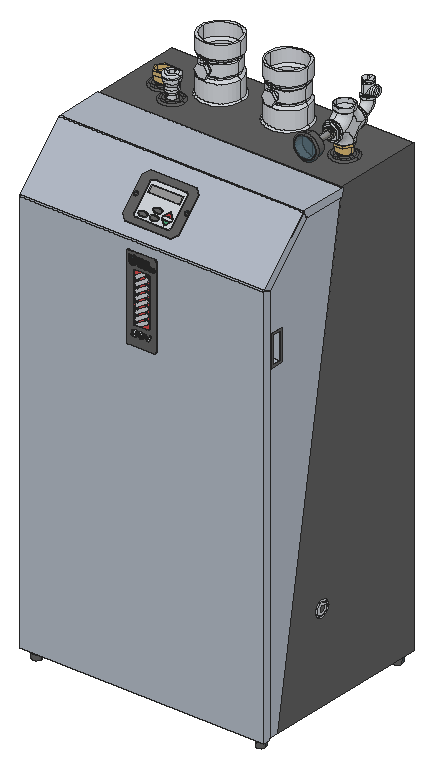
Revit family "Boiler-Helix_SSV_399", category Mechanical Equipment, Revit 2017 (continued)
Definition of nested family "Helix-Faceplate_C"
  Forms (in)
    Extrusion 3, solid
      sketch origin (0, 14.97566, -14.75) x (1, 0, 0) y (0, 1, 0)
        loop
          spline (0.5, -16.31941) -> (0.48296, -16.25471) -> (0.43301, -16.19441) -> (0.35355, -16.14263) -> (0.25, -16.1029) -> (0.12941, -16.07793) -> (0, -16.06941) -> (-0.12941, -16.07793) -> (-0.25, -16.1029) -> (-0.35355, -16.14263) -> (-0.43301, -16.19441) -> (-0.48296, -16.25471) -> (-0.5, -16.31941)
          spline (-0.5, -16.31941) -> (-0.48296, -16.38412) -> (-0.43301, -16.44441) -> (-0.35355, -16.49619) -> (-0.25, -16.53592) -> (-0.12941, -16.56089) -> (0, -16.56941) -> (0.12941, -16.56089) -> (0.25, -16.53592) -> (0.35355, -16.49619) -> (0.43301, -16.44441) -> (0.48296, -16.38412) -> (0.5, -16.31941)
        loop
          spline (-0.75, -16.31941) -> (-0.76704, -16.25471) -> (-0.81699, -16.19441) -> (-0.89645, -16.14263) -> (-1, -16.1029) -> (-1.12059, -16.07793) -> (-1.25, -16.06941) -> (-1.37941, -16.07793) -> (-1.5, -16.1029) -> (-1.60355, -16.14263) -> (-1.68301, -16.19441) -> (-1.73296, -16.25471) -> (-1.75, -16.31941)
          spline (-1.75, -16.31941) -> (-1.73296, -16.38412) -> (-1.68301, -16.44441) -> (-1.60355, -16.49619) -> (-1.5, -16.53592) -> (-1.37941, -16.56089) -> (-1.25, -16.56941) -> (-1.12059, -16.56089) -> (-1, -16.53592) -> (-0.89645, -16.49619) -> (-0.81699, -16.44441) -> (-0.76704, -16.38412) -> (-0.75, -16.31941)
        loop
          line (1.28033, -15.28908) -> (0.75, -15.81941) -> (1.28033, -15.7209) -> (1.81066, -15.81941) -> (1.28033, -15.28908)
        loop
          line (0.75, -16.06941) -> (1.28033, -16.59974) -> (1.81066, -16.06941) -> (1.28033, -16.16792) -> (0.75, -16.06941)
      from 14.75 to 14.8125
    Extrusion 4, solid
      sketch origin (0, -0.06841, 0) x (1, 0, 0) y (0, 1, 0)
        loop
          spline (-0.5, -0.52534) -> (-0.48296, -0.59004) -> (-0.43301, -0.65034) -> (-0.35355, -0.70212) -> (-0.25, -0.74185) -> (-0.12941, -0.76682) -> (0, -0.77534) -> (0.12941, -0.76682) -> (0.25, -0.74185) -> (0.35355, -0.70212) -> (0.43301, -0.65034) -> (0.48296, -0.59004) -> (0.5, -0.52534)
          spline (0.5, -0.52534) -> (0.48296, -0.46063) -> (0.43301, -0.40034) -> (0.35355, -0.34856) -> (0.25, -0.30883) -> (0.12941, -0.28386) -> (0, -0.27534) -> (-0.12941, -0.28386) -> (-0.25, -0.30883) -> (-0.35355, -0.34856) -> (-0.43301, -0.40034) -> (-0.48296, -0.46063) -> (-0.5, -0.52534)
        loop
          spline (-0.75, -1.27534) -> (-0.76704, -1.21063) -> (-0.81699, -1.15034) -> (-0.89645, -1.09856) -> (-1, -1.05883) -> (-1.12059, -1.03386) -> (-1.25, -1.02534) -> (-1.37941, -1.03386) -> (-1.5, -1.05883) -> (-1.60355, -1.09856) -> (-1.68301, -1.15034) -> (-1.73296, -1.21063) -> (-1.75, -1.27534)
          spline (-1.75, -1.27534) -> (-1.73296, -1.34004) -> (-1.68301, -1.40034) -> (-1.60355, -1.45212) -> (-1.5, -1.49185) -> (-1.37941, -1.51682) -> (-1.25, -1.52534) -> (-1.12059, -1.51682) -> (-1, -1.49185) -> (-0.89645, -1.45212) -> (-0.81699, -1.40034) -> (-0.76704, -1.34004) -> (-0.75, -1.27534)
        loop
          spline (0.5, -1.27534) -> (0.48296, -1.21063) -> (0.43301, -1.15034) -> (0.35355, -1.09856) -> (0.25, -1.05883) -> (0.12941, -1.03386) -> (0, -1.02534) -> (-0.12941, -1.03386) -> (-0.25, -1.05883) -> (-0.35355, -1.09856) -> (-0.43301, -1.15034) -> (-0.48296, -1.21063) -> (-0.5, -1.27534)
          spline (-0.5, -1.27534) -> (-0.48296, -1.34004) -> (-0.43301, -1.40034) -> (-0.35355, -1.45212) -> (-0.25, -1.49185) -> (-0.12941, -1.51682) -> (0, -1.52534) -> (0.12941, -1.51682) -> (0.25, -1.49185) -> (0.35355, -1.45212) -> (0.43301, -1.40034) -> (0.48296, -1.34004) -> (0.5, -1.27534)
      from 0 to 0.0625
    Extrusion 5, solid
      sketch origin (0, -0.06841, 0) x (1, 0, 0) y (0, 1, 0)
        loop
          line (1.81066, -0.77534) -> (1.28033, -0.24501) -> (0.75, -0.77534) -> (1.28033, -0.67683) -> (1.81066, -0.77534)
      from 0 to 0.0625
    Extrusion 6, solid
      sketch origin (0, -0.06841, 0) x (1, 0, 0) y (0, 1, 0)
        loop
          line (0.75, -1.02534) -> (1.28033, -1.55567) -> (1.81066, -1.02534) -> (1.28033, -1.12385) -> (0.75, -1.02534)
      from 0 to 0.0625
    Extrusion 7, solid
      sketch origin (0, -0.06841, 0) x (1, 0, 0) y (0, 1, 0)
        loop
          line (1.75, 1.43625) -> (-1.75, 1.43625) -> (-1.75, 0.68625) -> (1.75, 0.68625) -> (1.75, 1.43625)
      from 0 to 0.0625
  Dimensions and locks (in)
    aligned and locked: plane 2 to Extrusion 1
    aligned and locked: level to Extrusion 1
Definition of nested family "Assembly_Connection-8"
  Parameters
    Default Elevation = 4' - 0"
  Reference planes (in)
    plane 1 "Center (Front/Back)": y = 0
    plane 2: z = 0
    plane 3 "Center (Left/Right)": x = 0
  Forms (in)
    Extrusion 1, solid
      sketch origin (0, 0, 0) x (1, 0, 0) y (0, 1, 0)
        loop
          line (-48, 48) -> (-48, -48) -> (48, -48) -> (48, 48) -> (-48, 48)
      from 0 to -12
  Dimensions and locks (in)
    aligned and locked: plane 2 to Extrusion 1
    aligned and locked: level to Extrusion 1
  Nested families (in)
    nested 1: "Assembly_Geometry-8" at (0, 0, 0), type "Assembly_Geometry-8"
  Definition of nested family "Assembly_Geometry-8"
    Parameters
      Default Elevation = 4' - 0"
    Reference planes (in)
      plane 1 "Center (Front/Back)": y = 0
      plane 2: z = 0
      plane 3 "Center (Left/Right)": x = 0
      plane 4: z = 1.63142
      plane 5: y = 5.73292
    Forms (in)
      Extrusion 1, solid
        sketch origin (0, 0, 0) x (1, 0, 0) y (0, 1, 0)
          loop
            line (-48, 48) -> (-48, -48) -> (48, -48) -> (48, 48) -> (-48, 48)
        from 0 to -12
      Revolve 2, solid
        sketch origin (0, 0, -3.375) x (0, -1, 0) y (0, 0, 1)
          loop
            line (2.73493, 5.00642) -> (2.73493, 5.27696) -> (0.69322, 5.27696) -> (0.69322, 5.4974) -> (0.60187, 5.4974) -> (0.60187, 5.27696) -> (0.53274, 5.27696) -> (0.53274, 5.55961) -> (0.41572, 5.55961) -> (0.41572, 5.52696) -> (0, 5.52696) -> (0, 5.00642) -> (2.73493, 5.00642)
          axis (0, 5.00642) -> (2.73493, 5.00642)
        angle from 0 to 360
      Extrusion 3, solid
        sketch origin (0, -0.75, -3.375) x (-1, 0, 0) y (0, 0, 1)
          loop
            circle (0, 5.00642) r 1.17188
        from -3.13 to -3.05
      Revolve 4, solid
        sketch origin (0, -0.75, -3.375) x (0, 1, 0) y (0, 0, 1)
          loop
            line (-2.13, 6.25642) -> (-2.88, 6.25642)
            arc (-2.88, 6.25642) -> (-3.005, 6.38142) -> (-3.13, 6.25642) r 0.125
            line (-3.13, 6.25642) -> (-3.13, 6.17829) -> (-2.19723, 6.17829) -> (-2.19723, 5.00642) -> (-1.98493, 5.00642) -> (-1.98493, 5.27696) -> (-2.05, 5.27696) -> (-2.05, 5.39605) -> (-2.13, 5.39605) -> (-2.13, 6.25642)
          axis (-1.98493, 5.00642) -> (-3.13, 5.00642)
        angle from 0 to 360
      Sweep 5, solid
        path origin (0, 0, 0) x (0, 1, 0) y (0, 0, 1)
          loop
            line (0, 0.63142) -> (0.05988, 0.63142)
            arc (0.05988, 0.63142) -> (0.46697, 0.46279) -> (0.6356, 0.0557) r 0.57572
            line (0.6356, 0.0557) -> (0.6356, 0)
        profile origin (0, 0.02994, 0.63142) x (0, 0, 1) y (1, 0, 0)
          loop
            line (1, -1) -> (1, 1)
            arc (1, 1) -> (0.29289, 0.70711) -> (0, 0) r 1
            arc (0, 0) -> (0.29289, -0.70711) -> (1, -1) r 1
      Sweep 6, solid
        path origin (0, 0, 3.26283) x (0, 1, 0) y (0, 0, -1)
          loop
            line (0, 0.63142) -> (0.05988, 0.63142)
            arc (0.05988, 0.63142) -> (0.46697, 0.46279) -> (0.6356, 0.0557) r 0.57572
            line (0.6356, 0.0557) -> (0.6356, 0)
        profile origin (0, 0.02994, 2.63142) x (0, 0, 1) y (1, 0, 0)
          loop
            arc (-1, -1) -> (-0.29289, -0.70711) -> (0, 0) r 1
            arc (0, 0) -> (-0.29289, 0.70711) -> (-1, 1) r 1
            line (-1, 1) -> (-1, -1)
      Extrusion 7, solid
        sketch origin (0, 0, 0) x (0, 1, 0) y (0, 0, 1)
          loop
            arc (1.6356, 0.0557) -> (2.09712, 1.1699) -> (3.21132, 1.63142) r 1.57572
            arc (3.21132, 1.63142) -> (2.09712, 2.09294) -> (1.6356, 3.20714) r 1.57572
            arc (1.6356, 3.20714) -> (1.17408, 2.09294) -> (0.05988, 1.63142) r 1.57572
            arc (0.05988, 1.63142) -> (1.17408, 1.1699) -> (1.6356, 0.0557) r 1.57572
        from -1 to 1
      Extrusion 8, solid
        sketch origin (0, -2.88, 1.63142) x (-1, 0, 0) y (0, 0, 1)
          loop
            circle (0, -0.00727) r 1.05225
          loop
            circle (0, -0.00727) r 0.9485
        from 2.74608 to 2.88
      Extrusion 9, solid
        sketch origin (0, 1.63142, 6.14283) x (0, 1, 0) y (1, 0, 0)
          loop
            circle (0.00727, 0) r 1.05225
          loop
            circle (0.00727, 0) r 0.9485
        from 2.45688 to 2.88
      Sweep 10, solid
        path origin (0, 3.2712, 0) x (0, -1, 0) y (0, 0, -1)
          loop
            line (0, -0.63142) -> (0.05988, -0.63142)
            arc (0.05988, -0.63142) -> (0.46697, -0.46279) -> (0.6356, -0.0557) r 0.57572
            line (0.6356, -0.0557) -> (0.6356, 0)
        profile origin (0, 3.24126, 0.63142) x (0, 0, -1) y (1, 0, 0)
          loop
            arc (-1, -1) -> (-0.29289, -0.70711) -> (0, 0) r 1
            arc (0, 0) -> (-0.29289, 0.70711) -> (-1, 1) r 1
            line (-1, 1) -> (-1, -1)
      Sweep 11, solid
        path origin (0, 3.2712, 3.26283) x (0, -1, 0) y (0, 0, -1)
          loop
            line (0, 0.63142) -> (0.05988, 0.63142)
            arc (0.05988, 0.63142) -> (0.46697, 0.46279) -> (0.6356, 0.0557) r 0.57572
            line (0.6356, 0.0557) -> (0.6356, 0)
        profile origin (0, 3.24126, 2.63142) x (0, 0, -1) y (1, 0, 0)
          loop
            line (1, -1) -> (1, 1)
            arc (1, 1) -> (0.29289, 0.70711) -> (0, 0) r 1
            arc (0, 0) -> (0.29289, -0.70711) -> (1, -1) r 1
      Sweep 12, solid
        path origin (0, -0.56048, -0.39765) x (0, 1, 0) y (0, 0, 1)
          loop
            line (3.83168, 2.63142) -> (4.22415, 2.63142)
            arc (4.22415, 2.63142) -> (4.72415, 2.83852) -> (4.93126, 3.33852) r 0.70711
        profile origin (0, 3.46743, 2.23376) x (0, 0, 1) y (1, 0, 0)
          loop
            circle (-0.60235, 0) r 0.60235
      Extrusion 13, solid
        sketch origin (0, 0.24221, -0.75121) x (1, 0, 0) y (0, 1, 0)
          loop
            circle (0, 4.73091) r 0.75
        from 3.69208 to 3.87393
      Revolve 14, solid
        sketch origin (0, 0.24221, -0.75121) x (0, 1, 0) y (0, 0, 1)
          loop
            line (4.73091, 3.87393) -> (4.73091, 5.75273) -> (4.66841, 5.75273) -> (4.66841, 5.50273) -> (4.14433, 5.50273) -> (4.14433, 5.44023) -> (4.23091, 5.44023) -> (4.23091, 5.23424) -> (4.14433, 5.14766) -> (4.14433, 4.08361) -> (4.23091, 3.99703) -> (4.23091, 3.87393) -> (4.73091, 3.87393)
          axis (4.73091, 5.75273) -> (4.73091, 3.87393)
        angle from 0 to 360
      Revolve 15, solid
        sketch origin (0, 4.97312, -0.62621) x (1, 0, 0) y (0, 0, 1)
          loop
            line (0.58658, 4.89766) -> (0, 4.89766) -> (0, 4.35606) -> (0.58658, 4.35606) -> (0.58658, 4.70982) -> (0.90754, 4.70982) -> (1.02442, 4.70982) -> (1.02442, 4.83348) -> (0.90076, 4.83348) -> (0.83658, 4.89766) -> (0.58658, 4.89766)
          axis (1.02442, 4.35606) -> (0, 4.35606)
        angle from 0 to 360
      Extrusion 16, solid
        sketch origin (0, 6.1512, 1.63142) x (-1, 0, 0) y (0, 0, -1)
          loop
            circle (0, 0.00727) r 1.05225
          loop
            circle (0, 0.00727) r 0.9485
        from 2.74608 to 2.88
      Extrusion 17, solid
        sketch origin (0, 0.15352, 1.63142) x (1, 0, 0) y (0, 0, 1)
          loop
            line (-0.75, -0.43301) -> (0, -0.86603) -> (0.75, -0.43301) -> (0.75, 0.43301) -> (0, 0.86603) -> (-0.75, 0.43301) -> (-0.75, -0.43301)
          loop
            circle (0, 0) r 0.60235
        from 0.36557 to 0.54189
      Extrusion 18, solid
        sketch origin (0, -0.38837, 1.63142) x (1, 0, 0) y (0, 0, 1)
          loop
            circle (0, 0) r 0.69228
          loop
            circle (0, 0) r 0.60235
        from -0.38837 to -0.17631
      Extrusion 19, solid
        sketch origin (0, 3.11798, 1.63142) x (1, 0, 0) y (0, 0, -1)
          loop
            line (-0.75, 0.43301) -> (-0.75, -0.43301) -> (0, -0.86603) -> (0.75, -0.43301) -> (0.75, 0.43301) -> (0, 0.86603) -> (-0.75, 0.43301)
          loop
            circle (0, 0) r 0.60235
        from 0.36557 to 0.54189
      Extrusion 20, solid
        sketch origin (0, 3.65987, 1.63142) x (1, 0, 0) y (0, 0, -1)
          loop
            circle (0, 0) r 0.69228
          loop
            circle (0, 0) r 0.60235
        from -0.38867 to -0.17631
    Cuts and joins
      joined: Sweep 5, Sweep 6, Extrusion 7, Sweep 10, Sweep 11
    Dimensions and locks (in)
      aligned and locked: plane 2 to Extrusion 1
      aligned and locked: level to Extrusion 1
